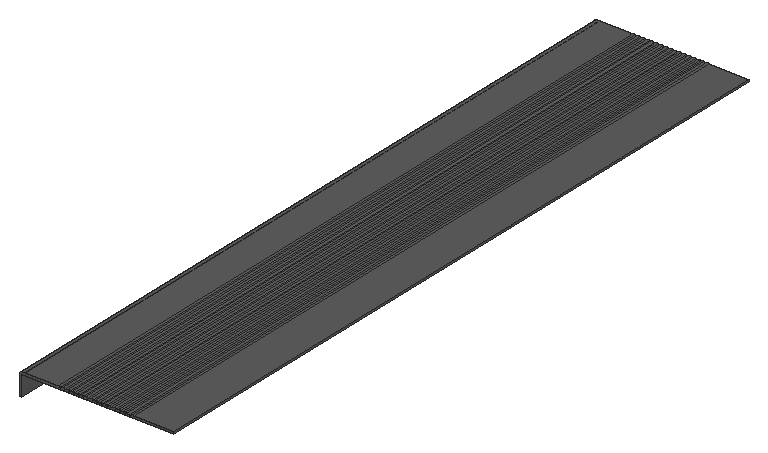
Revit family "111213017025804", category Modelos genéricos, Revit 2018
Family settings
  Puede alojar armadura = No
  Cota de conector redondo = Diámetro de uso
  Tipo de pieza = Normal
  Se basa en plano de trabajo = No
  Siempre vertical = No
  Corte con vacíos al cargar = No
  Compartido = No
  Punto de cálculo de habitación = No
Parameters (values of type "GRADA ESTRIADA GOMA 320X4MM NEGRO TIRA 1.5MT")
  Ventajas = "Autoextinguible"
  Uso = "Gradas de goma son fabricadas en caucho SBR/Natural, ideal para zonas de alto\r\ntráfico con diseño . El diseño Bi-Color permite divisar a distancia los escalones para\r\nprevenir accidentes."
  Unidad = "Tiras de 1.20 Mts y 1.50 Mts."
  URL = "https://www.empresascnp.cl/"
  Num SKUs = "111213017025804"
  Nombre SKU = "GRADA ESTRIADA GOMA 320X4MM NEGRO TIRA 1.5MT"
  Modelo = "GRADA ESTRIADA GOMA 320X4MM"
  Material = PVC flexible negro
  Url Ficha tecnica = "https://empresascnp.cl/wp-content/uploads//pdf/ficha-tecnica-grada-estriada-goma-320x4mm-negro-tira-1-21mt.pdf"
  Largo = 1500.00 mm
  Espesor = 4.00 mm
  Empresa = "CNP SPA."
  Dureza = "80 shore A"
  Dimension = 320.00 mm
  Descripción = "Grada Estriada 320x45 MM."
  Contacto = "info@empresascnp.cl"
  Color = "Negro"
  Aplicacion = "Escaleras"
  Alto = 45.00 mm
Reference planes
  plane 1 "Center F/B": y = 0
  plane 2: z = 0
  plane 3 "Center L/R": x = 0
  plane 4: z = -45
  plane 5 "2": y = 750
  plane 6 "3": y = -750
  plane 7: x = 320
  plane 8: z = -2
  plane 9 "4": x = 2
Forms (mm)
  Extrusion 1, solid, material "PVC flexible negro" <- "Material"
    sketch origin (0, 0, 0) x (1, 0, 0) y (0, 0, 1)
      loop
        line (320, 0) -> (237.639, 0)
        arc (237.639, 0) -> (235.231, 0.87) -> (232.824, 0) r 3.766
        arc (232.824, 0) -> (230.417, -0.87) -> (228.009, 0) r 3.766
        arc (228.009, 0) -> (225.602, 0.87) -> (223.194, 0) r 3.766
        arc (223.194, 0) -> (220.787, -0.87) -> (218.38, 0) r 3.766
        arc (218.38, 0) -> (215.972, 0.87) -> (213.565, 0) r 3.766
        arc (213.565, 0) -> (211.157, -0.87) -> (208.75, 0) r 3.766
        arc (208.75, 0) -> (206.343, 0.87) -> (203.935, 0) r 3.766
        arc (203.935, 0) -> (201.528, -0.87) -> (199.12, 0) r 3.766
        arc (199.12, 0) -> (196.713, 0.87) -> (194.306, 0) r 3.766
        arc (194.306, 0) -> (191.898, -0.87) -> (189.491, 0) r 3.766
        arc (189.491, 0) -> (187.083, 0.87) -> (184.676, 0) r 3.766
        arc (184.676, 0) -> (182.269, -0.87) -> (179.861, 0) r 3.766
        arc (179.861, 0) -> (177.454, 0.87) -> (175.046, 0) r 3.766
        arc (175.046, 0) -> (172.639, -0.87) -> (170.231, 0) r 3.766
        arc (170.231, 0) -> (167.824, 0.87) -> (165.417, 0) r 3.766
        arc (165.417, 0) -> (163.009, -0.87) -> (160.602, 0) r 3.766
        arc (160.602, 0) -> (158.194, 0.87) -> (155.787, 0) r 3.766
        arc (155.787, 0) -> (153.38, -0.87) -> (150.972, 0) r 3.766
        arc (150.972, 0) -> (148.565, 0.87) -> (146.157, 0) r 3.766
        arc (146.157, 0) -> (143.75, -0.87) -> (141.343, 0) r 3.766
        arc (141.343, 0) -> (138.935, 0.87) -> (136.528, 0) r 3.766
        arc (136.528, 0) -> (134.12, -0.87) -> (131.713, 0) r 3.766
        arc (131.713, 0) -> (129.306, 0.87) -> (126.898, 0) r 3.766
        arc (126.898, 0) -> (124.491, -0.87) -> (122.083, 0) r 3.766
        arc (122.083, 0) -> (119.676, 0.87) -> (117.269, 0) r 3.766
        arc (117.269, 0) -> (114.861, -0.87) -> (112.454, 0) r 3.766
        arc (112.454, 0) -> (110.046, 0.87) -> (107.639, 0) r 3.766
        arc (107.639, 0) -> (105.231, -0.87) -> (102.824, 0) r 3.766
        arc (102.824, 0) -> (100.417, 0.87) -> (98.009, 0) r 3.766
        arc (98.009, 0) -> (95.602, -0.87) -> (93.194, 0) r 3.766
        arc (93.194, 0) -> (90.787, 0.87) -> (88.38, 0) r 3.766
        arc (88.38, 0) -> (85.972, -0.87) -> (83.565, 0) r 3.766
        arc (83.565, 0) -> (81.157, 0.87) -> (78.75, 0) r 3.766
        line (78.75, 0) -> (3, 0)
        arc (3, 0) -> (0.879, -0.879) -> (0, -3) r 3
        line (0, -3) -> (0, -45) -> (4, -45) -> (4, -5)
        arc (4, -5) -> (4.293, -4.293) -> (5, -4) r 1
        line (5, -4) -> (320, -4) -> (320, 0)
    from -750 to 750
Dimensions and locks
  "Alto": level to plane 4
  equal spacing: plane 6 "3", plane 1 "Center F/B", plane 5 "2"
  "Largo": plane 6 "3" to plane 5 "2"
  "Dimension": plane 7 to plane 3 "Center L/R"
  "Espesor": plane 2 to Extrusion 1 sketch curve
  "Espesor": Extrusion 1 sketch curve to plane 3 "Center L/R"
  aligned and locked: plane 6 "3" to Extrusion 1
  aligned and locked: Extrusion 1 to plane 5 "2"
  aligned and locked: Extrusion 1 sketch curve to plane 3 "Center L/R"
  aligned and locked: plane 2 to Extrusion 1 sketch curve
  aligned and locked: Extrusion 1 sketch curve to plane 7
  aligned and locked: plane 4 to Extrusion 1 sketch curve
Automatic sketch dimensions
  Extrusion 1 sketch curve to level = 0.00 mm  (x65)
  plane 8 to Extrusion 1 sketch curve = 1.00 mm
  Extrusion 1 sketch curve to Extrusion 1 sketch curve = 1.00 mm
  Extrusion 1 sketch curve to Extrusion 1 sketch curve = 73.75 mm
  plane 8 to Extrusion 1 sketch curve = 0.896 mm  (x17)
  Extrusion 1 sketch curve to Extrusion 1 sketch curve = 2.407 mm
  level to Extrusion 1 sketch curve = 2.896 mm  (x16)
